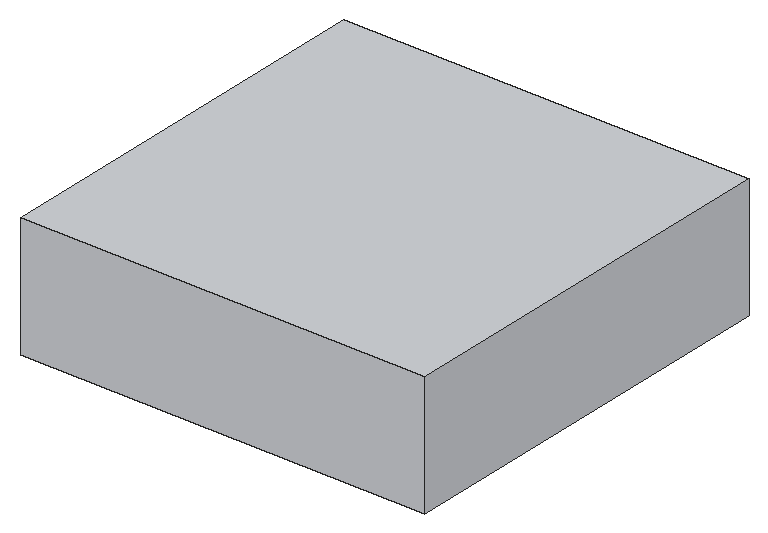
Revit family "StructuralFoundations_PileFoundation-Freeform", category Structural Foundations, Revit 2022
Family settings
  Material for Model Behavior = Concrete
  Cap = Yes
  OmniClass Number = 23.25.05.00
  OmniClass Title = Foundations
  Work Plane-Based = Yes
  Always vertical = Yes
  Cut with Voids When Loaded = No
  Shared = Yes
Parameters (values of type "PileFoundation_Freeform")
  Width = 0 mm
  Void Position Top = ((Depth - Pile Embedment) * -1)  # -925 mm
  VL_STR/GEO DA1 COMB 2 Min (kN) [instance] = ""
  VL_STR/GEO DA1 COMB 2 Max (kN) [instance] = ""
  VL_STR/GEO DA1 COMB 1 Min (kN) [instance] = ""
  VL_STR/GEO DA1 COMB 1 Max (kN) [instance] = ""
  VL_SLS Min (kN) [instance] = ""
  VL_SLS Max (kN) [instance] = ""
  VL_ADD. LIMIT STATE Min (kN) [instance] = ""
  VL_ADD. LIMIT STATE Max (kN) [instance] = ""
  Tension/Compression [instance] = ""
  Structural Material = <By Category>
  Radius = 250 mm
  Pile Insertion Vertical Offset = Depth * -1  # -1000 mm
  Pile Embedment Numerical = Pile Embedment / 1 mm  # 75
  Pile Embedment = 75 mm  # constant formula
  Pile Edge Distance = 150 mm  # constant formula
  Pile Depth Numerical [instance] = Pile Depth / 1 mm  # 1000
  Pile Depth [instance] = 1000 mm
  ML_STR/GEO DA1 COMB 2 Max (kNm) [instance] = ""
  ML_STR/GEO DA1 COMB 1 Max (kNm) [instance] = ""
  ML_SLS Max (kNm) [instance] = ""
  ML_ADD. LIMIT STATE Max (kNm) [instance] = ""
  Length = 0 mm
  HL_STR/GEO DA1 COMB 2 Max (kN) [instance] = ""
  HL_STR/GEO DA1 COMB 1 Max (kN) [instance] = ""
  HL_SLS Max (kN) [instance] = ""
  HL_ADD. LIMIT STATE Max (kN) [instance] = ""
  Foundation Thickness = Depth  # 1000 mm
  Diameter = Radius * 2  # 500 mm
  Depth = 1000 mm
  Default Elevation = 1219.2 mm
  Assembly Code = ""
Reference planes
  plane 1 "Center (Front/Back)": y = 0
  plane 2: z = 0
  plane 3 "Center (Left/Right)": x = 0
  plane 4: x = -750
  plane 5: x = 750
  plane 6: y = 750
  plane 7: y = -750
  plane 8: z = -1000
Forms (mm)
  Extrusion 1, solid
    sketch origin (0, 0, 0) x (1, 0, 0) y (0, 1, 0)
      loop
        line (-1650, 1650) -> (-1650, -1650) -> (1650, -1650) -> (1650, 1650) -> (-1650, 1650)
    from -1000 <- "Pile Insertion Vertical Offset" to 0
  Extrusion 2, void
    sketch origin (0, 0, 0) x (1, 0, 0) y (0, 1, 0)
      loop
        circle (-1191.006, 1577.398) r 250
    from -1000 <- "Pile Insertion Vertical Offset" to -925 <- "Void Position Top"
Dimensions and locks
  equal spacing: plane 4, plane 3 "Center (Left/Right)", plane 5
  "Depth": plane 2 to Extrusion 1
  equal spacing: Extrusion 1, plane 3 "Center (Left/Right)", Extrusion 1
  equal spacing: Extrusion 1, plane 1 "Center (Front/Back)", Extrusion 1
  equal spacing: plane 7, plane 1 "Center (Front/Back)", plane 6
  locked: level to plane 8 at 1000
  "Radius": radius of Extrusion 2 sketch curve
Automatic sketch dimensions
  Extrusion 2 sketch curve to plane 4 = 441.006 mm
  plane 6 to Extrusion 2 sketch curve = 827.398 mm
  Extrusion 1 sketch curve to plane 4 = 900 mm
  plane 5 to Extrusion 1 sketch curve = 900 mm
  Extrusion 1 sketch curve to plane 7 = 900 mm
  plane 6 to Extrusion 1 sketch curve = 900 mm
Nested families
  nested 1: "StructuralFoundations_PileFoundation_Pile" at (-1191.89, 1577.398, -1000), Height Offset From Level <- "Pile Insertion Vertical Offset", HL_ADD. LIMIT STATE Max (kN) <- "HL_ADD. LIMIT STATE Max (kN)", HL_SLS Max (kN) <- "HL_SLS Max (kN)", HL_STR/GEO DA1 COMB 1 Max (kN) <- "HL_STR/GEO DA1 COMB 1 Max (kN)", HL_STR/GEO DA1 COMB 2 Max (kN) <- "HL_STR/GEO DA1 COMB 2 Max (kN)", ML_ADD. LIMIT STATE Max (kNm) <- "ML_ADD. LIMIT STATE Max (kNm)", ML_SLS Max (kNm) <- "ML_SLS Max (kNm)", ML_STR/GEO DA1 COMB 1 Max (kNm) <- "ML_STR/GEO DA1 COMB 1 Max (kNm)", ML_STR/GEO DA1 COMB 2 Max (kNm) <- "ML_STR/GEO DA1 COMB 2 Max (kNm)", Tension/Compression <- "Tension/Compression", VL_ADD. LIMIT STATE Max (kN) <- "VL_ADD. LIMIT STATE Max (kN)", VL_ADD. LIMIT STATE Min (kN) <- "VL_STR/GEO DA1 COMB 1 Min (kN)", VL_SLS Max (kN) <- "VL_SLS Max (kN)", VL_SLS Min (kN) <- "VL_SLS Min (kN)", VL_STR/GEO DA1 COMB 1 Max (kN) <- "VL_STR/GEO DA1 COMB 1 Max (kN)", VL_STR/GEO DA1 COMB 1 Min (kN) <- "VL_STR/GEO DA1 COMB 1 Min (kN)", VL_STR/GEO DA1 COMB 2 Max (kN) <- "VL_STR/GEO DA1 COMB 2 Max (kN)", VL_STR/GEO DA1 COMB 2 Min (kN) <- "VL_STR/GEO DA1 COMB 2 Min (kN)", Pile Depth <- "Pile Depth", type "Freeform_Pile"
    with VL_STR/GEO DA1 COMB 2 Min (kN) "", VL_STR/GEO DA1 COMB 2 Max (kN) "", VL_STR/GEO DA1 COMB 1 Min (kN) "", VL_STR/GEO DA1 COMB 1 Max (kN) "", VL_SLS Min (kN) "", VL_SLS Max (kN) "", VL_ADD. LIMIT STATE Min (kN) "", VL_ADD. LIMIT STATE Max (kN) "", Tension/Compression "", Pile Length 1075 mm, Pile Embedment Numerical 75, Pile Embedment 75 mm, Pile Depth Numerical 1000, Pile Depth 1000 mm, ML_STR/GEO DA1 COMB 2 Max (kNm) "", ML_STR/GEO DA1 COMB 1 Max (kNm) "", ML_SLS Max (kNm) "", ML_ADD. LIMIT STATE Max (kNm) "", Lightning Protection no, HL_STR/GEO DA1 COMB 2 Max (kN) "", HL_STR/GEO DA1 COMB 1 Max (kN) "", HL_SLS Max (kN) "", HL_ADD. LIMIT STATE Max (kN) ""
Definition of nested family "StructuralFoundations_PileFoundation_Pile"
  Parameters (values of type "Freeform_Pile")
    VL_STR/GEO DA1 COMB 2 Min (kN) [instance] = ""
    VL_STR/GEO DA1 COMB 2 Max (kN) [instance] = ""
    VL_STR/GEO DA1 COMB 1 Min (kN) [instance] = ""
    VL_STR/GEO DA1 COMB 1 Max (kN) [instance] = ""
    VL_SLS Min (kN) [instance] = ""
    VL_SLS Max (kN) [instance] = ""
    VL_ADD. LIMIT STATE Min (kN) [instance] = ""
    VL_ADD. LIMIT STATE Max (kN) [instance] = ""
    Type Comments = ""
    Tension/Compression [instance] = ""
    Structural Material = (empty or 0)
    Radius = 250 mm
    Pile Offset Line Vis 3Ø = no
    Pile Offset Line Vis 2.5Ø = no
    Pile Offset Line 3Ø = Diameter * 3  # 1500 mm
    Pile Offset Line 2.5Ø = Diameter * 2.5  # 1250 mm
    Pile Length [instance] = Pile Depth + Pile Embedment  # 1575 mm
    Pile Embedment Numerical [instance] = Pile Embedment / 1 mm  # 75
    Pile Embedment [instance] = 75 mm  # constant formula
    Pile Depth Numerical [instance] = Pile Depth / 1 mm  # 1500
    Pile Depth [instance] = 1500 mm
    ML_STR/GEO DA1 COMB 2 Max (kNm) [instance] = ""
    ML_STR/GEO DA1 COMB 1 Max (kNm) [instance] = ""
    ML_SLS Max (kNm) [instance] = ""
    ML_ADD. LIMIT STATE Max (kNm) [instance] = ""
    Lightning Protection [instance] = no
    Keynote = ""
    HL_STR/GEO DA1 COMB 2 Max (kN) [instance] = ""
    HL_STR/GEO DA1 COMB 1 Max (kN) [instance] = ""
    HL_SLS Max (kN) [instance] = ""
    HL_ADD. LIMIT STATE Max (kN) [instance] = ""
    Diameter = Radius * 2  # 500 mm
    Description = ""
    Assembly Code = ""
  Reference planes
    plane 1 "Center (Front/Back)": y = 0
    plane 2: z = 0
    plane 3 "Center (Left/Right)": x = 0
    plane 4: z = -1500
  Forms (mm)
    Extrusion 1, solid
      sketch origin (0, 0, 0) x (1, 0, 0) y (0, 1, 0)
        loop
          circle (0, 0) r 250
      from -1500 to 75
  Lines and regions (mm)
    symbolic lines
      curve 1: line (-250, 0, 75) -> (250, 0, 75)
      curve 2: line (250, 0, 75) -> (250, 0, 0)
      curve 3: line (-250, 0, 75) -> (-250, 0, 0)
      curve 4: line (0, 250, 75) -> (0, -250, 75)
      curve 5: line (0, -250, 75) -> (0, -250, 0)
      curve 6: line (0, 250, 75) -> (0, 250, 0)
    symbolic lines, visible <- "Pile Offset Line Vis 3Ø"
      curve 7: circle (0, 0, 0) r 1500 normal (0, 0, 1)
    symbolic lines, visible <- "Pile Offset Line Vis 2.5Ø"
      curve 8: circle (0, 0, 0) r 1250 normal (0, 0, 1)
  Dimensions and locks
    equal spacing: curve 3, plane 3 "Center (Left/Right)", curve 2
    "Diameter": curve 3 to curve 2
    equal spacing: curve 6, plane 1 "Center (Front/Back)", curve 5
    "Diameter": curve 6 to curve 5
    "Pile Depth": plane 2 to plane 4
    "Pile Embedment": Extrusion 1 to level
    "Radius": radius of Extrusion 1 sketch curve
    "Radius": radius of Extrusion 1
    "Pile Offset Line 3Ø": radius of curve 7
    "Pile Offset Line 2.5Ø": radius of curve 8
    aligned and locked: Extrusion 1 to plane 4
  Automatic sketch dimensions
    plane 1 "Center (Front/Back)" to Extrusion 1 sketch curve = 0 mm
    Extrusion 1 sketch curve to plane 3 "Center (Left/Right)" = 0 mm
    curve 2 to level = 0 mm
    curve 3 to level = 0 mm
    curve 5 to level = 0 mm
    curve 6 to level = 0 mm
    curve 7 to curve 8 = 0 mm  (x2)
    plane 1 "Center (Front/Back)" to curve 8 = 0 mm
    curve 8 to plane 3 "Center (Left/Right)" = 0 mm
    level to curve 2 = 75 mm
    level to curve 5 = 75 mm
